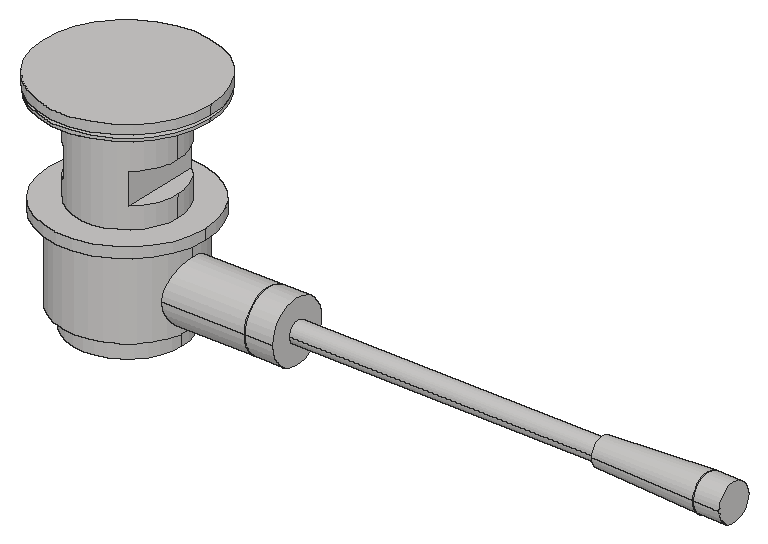
Revit family "A13", category Generic Models, Revit 2021
Family settings
  Can host rebar = No
  Round Connector Dimension = Use Diameter
  Part Type = Normal
  Work Plane-Based = No
  Always vertical = Yes
  Cut with Voids When Loaded = No
  Shared = No
  Room Calculation Point = No
Parameters (values of type "Standard")
  e-mail = "info@vola.com"
  URL = "http://vola.com"
  Telephone = "+45 7023 5500"
  Quality management standard = "ISO 9001"
  Organisation no. / DUNS no. = "17531328"
  Occupational health and safety management standard = "ISO 18001"
  Mounting Instructions = "http://vola.com/service/producturl.ashx?name=A13"
  Model = "A13"
  Materials and components information = "http://vola.com/service/producturl.ashx?name=A13"
  Manufacturer = "VOLA A/S"
  Maintenance Instructions = "http://vola.com/service/producturl.ashx?name=A13"
  Guarantee = "2 years"
  Environmental management standard = "ISO 14000"
  Default Elevation = 0.0000 mm
  Connection - All relevant connections = ""
  Approvals = "http://vola.com/service/producturl.ashx?name=A13"
Reference planes
  plane 1 "Center (Front/Back)": y = 0
  plane 2: z = 0
  plane 3 "Center (Left/Right)": x = 0
Forms (mm)
  Extrusion 1, solid, material "Stainless Steel"
    sketch origin (0, 0, 0) x (1, 0, 0) y (0, 1, 0)
      loop
        circle (0, 0) r 20.95
    from 0 to 7.5
  Extrusion 2, solid, material "Stainless Steel"
    sketch origin (0, 0, -17.888) x (0, 1, 0) y (0, 0, 1)
      loop
        circle (0, 38.388) r 11.5
    from 54 to 0
  Extrusion 3, solid, material "Stainless Steel"
    sketch origin (0, 0, 7.5) x (1, 0, 0) y (0, 1, 0)
      loop
        circle (0, 0) r 25
    from 0 to 32
  Extrusion 4, solid, material "Stainless Steel"
    sketch origin (54, 0, -17.888) x (0, 1, 0) y (0, 0, 1)
      loop
        circle (0, 38.388) r 11.5
    from 0 to 11
  Extrusion 5, solid, material "Stainless Steel"
    sketch origin (65, 0, -17.888) x (0, 1, 0) y (0, 0, 1)
      loop
        circle (0, 38.388) r 4
    from 0 to 117
  Blend 6, solid, material "Stainless Steel"
    base sketch origin (182, 0, -17.888) x (0, 1, 0) y (0, 0, 1)
      loop
        circle (0, 38.388) r 5.25
    top sketch origin (182, 0, -17.888) x (0, 1, 0) y (0, 0, 1)
      loop
        circle (0, 38.388) r 6.995
    from 0 to 40
  Extrusion 7, solid, material "Stainless Steel"
    sketch origin (222, 0, -17.888) x (0, 1, 0) y (0, 0, 1)
      loop
        circle (0, 38.388) r 6.995
    from 0 to 10
  Extrusion 8, solid, material "Stainless Steel"
    sketch origin (0, 0, 39.5) x (1, 0, 0) y (0, 1, 0)
      loop
        circle (0, 0) r 30
    from 0 to 4
  Extrusion 9, solid, material "Stainless Steel"
    sketch origin (0, 0, 43.5) x (1, 0, 0) y (0, 1, 0)
      loop
        circle (0, 0) r 19.5
    from 0 to 36.96
  Extrusion 10, solid, material "Stainless Steel"
    sketch origin (0, 0, 80.46) x (1, 0, 0) y (0, 1, 0)
      loop
        circle (0, 0) r 31.5
    from 0 to 1.04
  Extrusion 11, solid, material "Stainless Steel"
    sketch origin (0, 0, 81.5) x (1, 0, 0) y (0, 1, 0)
      loop
        circle (0, 0) r 28.875
    from 0 to 1.52
  Extrusion 12, solid, material "Stainless Steel"
    sketch origin (0, 0, 83.02) x (1, 0, 0) y (0, 1, 0)
      loop
        circle (0, 0) r 32
    from 0 to 3.5
  Extrusion 13, void
    sketch origin (0, 0, 0) x (1, 0, 0) y (0, 0, 1)
      loop
        line (20, 63.5) -> (12.5, 63.5) -> (12.5, 51.5) -> (20, 51.5) -> (20, 63.5)
    from -20.403 to 20.581
  Extrusion 14, void
    sketch origin (0, 0, 0) x (-1, 0, 0) y (0, 0, -1)
      loop
        line (20, -63.5) -> (20, -51.5) -> (12.5, -51.5) -> (12.5, -63.5) -> (20, -63.5)
    from -20.403 to 20.581
  Revolve 15, solid, material "Stainless Steel"
    sketch origin (0, 0, 0) x (1, 0, 0) y (0, 0, 1)
      loop
        line (-19.5, 75.959) -> (-19.5, 80.46) -> (-31.26, 80.46) -> (-22.007, 78.918)
        arc (-22.007, 78.918) -> (-20.211, 77.898) -> (-19.5, 75.959) r 3
      axis (0, 80.46) -> (0, 75.959)
    angle from 0 to 360
Cuts and joins
  joined: Extrusion 2, Extrusion 3
  Extrusion 13, Extrusion 14 cuts Extrusion 9
  joined: Extrusion 9, Revolve 15
Dimensions and locks
  aligned and locked: plane 2 to level
